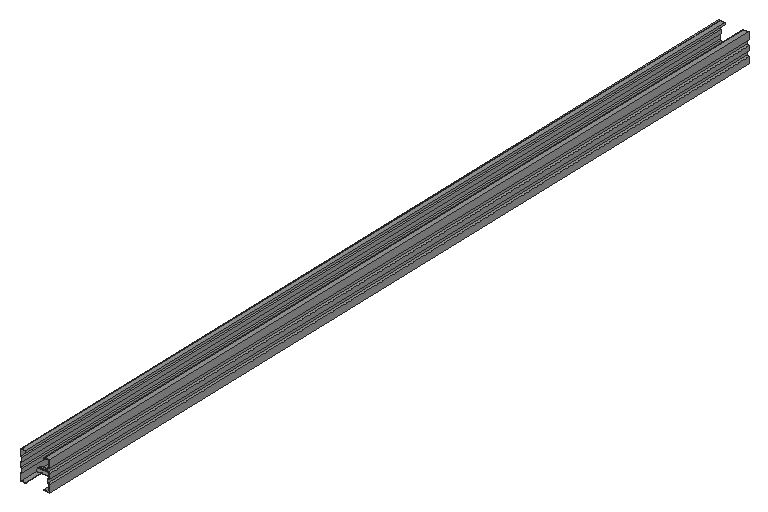
Revit family "Weitspannkabelleiter - WKL 2020 FT", category Generic Models, Revit 2017
Family settings
  Can host rebar = No
  Round Connector Dimension = Use Diameter
  Part Type = Normal
  Work Plane-Based = No
  Always vertical = Yes
  Cut with Voids When Loaded = No
  Shared = No
  Room Calculation Point = No
Parameters (values of type "WKL 2020 FT")
  URL = "http://www.obo-bettermann.com"
  Material = hot dip galvanised
  Manufacturer Art.No. = "6232102"
  Manufacturer = "OBO BETTERMANN"
  Length = 6000 mm
  GTIN = "4012196614844"
  Cut's number 2 = 19
  Cut's number = 2
  Article Type = "WKL 2020 FT"
Reference planes
  plane 1 "Center (Front/Back)": y = 0
  plane 2: z = 0
  plane 3 "Center (Left/Right)": x = 0
  plane 4: x = 200
  plane 5: z = 200
  plane 6: z = 46.5
  plane 7: z = 85.8
  plane 8: z = 114.4
  plane 9: z = 153.7
  plane 10: x = 12.5
  plane 11: x = 200
  plane 12: z = 46.5
  plane 13: z = 85.8
  plane 14: z = 85.8
  plane 15: z = 114.4
  plane 16: z = 153.7
  plane 17: x = 187.5
  plane 18: z = 80.026
  plane 19: z = 52.274
  plane 20: z = 120.174
  plane 21: z = 147.926
  plane 22: y = 6000
  plane 23: y = 150
  plane 24: y = 450
  plane 25: y = 132.5
  plane 26: y = 167.5
  plane 27: y = 134.75
  plane 28: y = 165.25
  plane 29: y = 158.25
  plane 30: y = 141.75
  plane 31: z = 20.5
  plane 32: z = 2.5
  plane 33: y = 450
  plane 34: y = 750
  plane 35: y = 432.5
  plane 36: y = 467.5
  plane 37: y = 434.75
  plane 38: y = 465.25
  plane 39: y = 458.25
  plane 40: y = 441.75
  plane 41: z = 20.5
  plane 42: z = 2.5
  plane 43: y = 750
  plane 44: y = 1050
  plane 45: y = 732.5
  plane 46: y = 767.5
  plane 47: y = 734.75
  plane 48: y = 765.25
  plane 49: y = 758.25
  plane 50: y = 741.75
  plane 51: z = 20.5
  plane 52: z = 2.5
  plane 53: y = 1050
  plane 54: y = 1350
  plane 55: y = 1032.5
  plane 56: y = 1067.5
  plane 57: y = 1034.75
  plane 58: y = 1065.25
  plane 59: y = 1058.25
  plane 60: y = 1041.75
  plane 61: z = 20.5
  plane 62: z = 2.5
  plane 63: y = 1350
  plane 64: y = 1650
  plane 65: y = 1332.5
  plane 66: y = 1367.5
  plane 67: y = 1334.75
  plane 68: y = 1365.25
  plane 69: y = 1358.25
  plane 70: y = 1341.75
  plane 71: z = 20.5
  plane 72: z = 2.5
  plane 73: y = 1650
  plane 74: y = 1950
  plane 75: y = 1632.5
  plane 76: y = 1667.5
  plane 77: y = 1634.75
  plane 78: y = 1665.25
  plane 79: y = 1658.25
  plane 80: y = 1641.75
  plane 81: z = 20.5
  plane 82: z = 2.5
  plane 83: y = 1950
  plane 84: y = 2250
  plane 85: y = 1932.5
  plane 86: y = 1967.5
  plane 87: y = 1934.75
  plane 88: y = 1965.25
  plane 89: y = 1958.25
  plane 90: y = 1941.75
  plane 91: z = 20.5
  plane 92: z = 2.5
  plane 93: y = 2250
  plane 94: y = 2550
  plane 95: y = 2232.5
  plane 96: y = 2267.5
  plane 97: y = 2234.75
  plane 98: y = 2265.25
  plane 99: y = 2258.25
  plane 100: y = 2241.75
  plane 101: z = 20.5
  plane 102: z = 2.5
  plane 103: y = 2550
  plane 104: y = 2850
  plane 105: y = 2532.5
  plane 106: y = 2567.5
  plane 107: y = 2534.75
  plane 108: y = 2565.25
  plane 109: y = 2558.25
  plane 110: y = 2541.75
  plane 111: z = 20.5
  plane 112: z = 2.5
  plane 113: y = 2850
  plane 114: y = 3150
  plane 115: y = 2832.5
  plane 116: y = 2867.5
  plane 117: y = 2834.75
  plane 118: y = 2865.25
  plane 119: y = 2858.25
  plane 120: y = 2841.75
  plane 121: z = 20.5
  plane 122: z = 2.5
  plane 123: y = 3150
  plane 124: y = 3450
  plane 125: y = 3132.5
  plane 126: y = 3167.5
  plane 127: y = 3134.75
  plane 128: y = 3165.25
  plane 129: y = 3158.25
  plane 130: y = 3141.75
  plane 131: z = 20.5
  plane 132: z = 2.5
  plane 133: y = 3450
  plane 134: y = 3750
  plane 135: y = 3432.5
  plane 136: y = 3467.5
  plane 137: y = 3434.75
  plane 138: y = 3465.25
  plane 139: y = 3458.25
  plane 140: y = 3441.75
  plane 141: z = 20.5
  plane 142: z = 2.5
  plane 143: y = 3750
  plane 144: y = 4050
  plane 145: y = 3732.5
  plane 146: y = 3767.5
  plane 147: y = 3734.75
  plane 148: y = 3765.25
  plane 149: y = 3758.25
  plane 150: y = 3741.75
  plane 151: z = 20.5
  plane 152: z = 2.5
  plane 153: y = 4050
  plane 154: y = 4350
  plane 155: y = 4032.5
  plane 156: y = 4067.5
  plane 157: y = 4034.75
  plane 158: y = 4065.25
  plane 159: y = 4058.25
  plane 160: y = 4041.75
  plane 161: z = 20.5
  plane 162: z = 2.5
  plane 163: y = 4350
  plane 164: y = 4650
  plane 165: y = 4332.5
  plane 166: y = 4367.5
  plane 167: y = 4334.75
  plane 168: y = 4365.25
  plane 169: y = 4358.25
  plane 170: y = 4341.75
  plane 171: z = 20.5
  plane 172: z = 2.5
  plane 173: y = 4650
  plane 174: y = 4950
  plane 175: y = 4632.5
  plane 176: y = 4667.5
  plane 177: y = 4634.75
  plane 178: y = 4665.25
  plane 179: y = 4658.25
  plane 180: y = 4641.75
  plane 181: z = 20.5
  plane 182: z = 2.5
  plane 183: y = 4950
  plane 184: y = 5250
  plane 185: y = 4932.5
  plane 186: y = 4967.5
  plane 187: y = 4934.75
  plane 188: y = 4965.25
  plane 189: y = 4958.25
  plane 190: y = 4941.75
  plane 191: z = 20.5
  plane 192: z = 2.5
  plane 193: y = 5250
  plane 194: y = 5550
  plane 195: y = 5232.5
  plane 196: y = 5267.5
  plane 197: y = 5234.75
  plane 198: y = 5265.25
  plane 199: y = 5258.25
  plane 200: y = 5241.75
  plane 201: z = 20.5
  plane 202: z = 2.5
  plane 203: y = 5550
  plane 204: y = 5850
  plane 205: y = 5532.5
  plane 206: y = 5567.5
  plane 207: y = 5534.75
  plane 208: y = 5565.25
  plane 209: y = 5558.25
  plane 210: y = 5541.75
  plane 211: z = 20.5
  plane 212: z = 2.5
  plane 213: y = 5850
  plane 214: y = 6150
  plane 215: y = 5832.5
  plane 216: y = 5867.5
  plane 217: y = 5834.75
  plane 218: y = 5865.25
  plane 219: y = 5858.25
  plane 220: y = 5841.75
  plane 221: z = 20.5
  plane 222: z = 2.5
Forms (mm)
  Extrusion 1, solid, material "hot dip galvanised" <- "Material"
    sketch origin (0, 0, 0) x (1, 0, 0) y (0, 0, 1)
      loop
        line (0, 0) -> (40, 0) -> (40, 2.5) -> (2.5, 2.5) -> (2.5, 46.5) -> (12.5, 52.274) -> (12.5, 80.026) -> (2.5, 85.8) -> (2.5, 114.4) -> (12.5, 120.174) -> (12.5, 147.926) -> (2.5, 153.7) -> (2.5, 197.5) -> (37.5, 197.5) -> (37.5, 188.529) -> (40, 188.529) -> (40, 200) -> (0, 200) -> (0, 152.257) -> (10, 146.483) -> (10, 121.617) -> (0, 115.843) -> (0, 84.357) -> (10, 78.583) -> (10, 53.717) -> (0, 47.943) -> (0, 0)
      loop
        line (200, 0) -> (200, 47.943) -> (190, 53.717) -> (190, 78.583) -> (200, 84.357) -> (200, 115.843) -> (190, 121.617) -> (190, 146.483) -> (200, 152.257) -> (200, 200) -> (160, 200) -> (160, 188.529) -> (162.5, 188.529) -> (162.5, 197.5) -> (197.5, 197.5) -> (197.5, 153.7) -> (187.5, 147.926) -> (187.5, 120.174) -> (197.5, 114.4) -> (197.5, 85.8) -> (187.5, 80.026) -> (187.5, 52.274) -> (197.5, 46.5) -> (197.5, 2.5) -> (160, 2.5) -> (160, 0) -> (200, 0)
    from 0 to -6000
  Extrusion 2, solid, material "hot dip galvanised" <- "Material"
    sketch origin (0, 0, 7) x (0, 1, 0) y (0, 0, 1)
      loop
        line (132.5, -4.5) -> (167.5, -4.5) -> (165.332, 13.5) -> (158.25, 13.5) -> (158.25, 11.5) -> (163.559, 11.5) -> (165.245, -2.5) -> (134.755, -2.5) -> (136.441, 11.5) -> (141.75, 11.5) -> (141.75, 13.5) -> (134.668, 13.5) -> (132.5, -4.5)
    from 2.5 to 197.5
  Extrusion 3, solid, material "hot dip galvanised" <- "Material"
    sketch origin (0, 300, 7) x (0, 1, 0) y (0, 0, 1)
      loop
        line (132.5, -4.5) -> (167.5, -4.5) -> (165.332, 13.5) -> (158.25, 13.5) -> (158.25, 11.5) -> (163.559, 11.5) -> (165.245, -2.5) -> (134.755, -2.5) -> (136.441, 11.5) -> (141.75, 11.5) -> (141.75, 13.5) -> (134.668, 13.5) -> (132.5, -4.5)
    from 2.5 to 197.5
  Extrusion 4, solid, material "hot dip galvanised" <- "Material"
    sketch origin (0, 600, 7) x (0, 1, 0) y (0, 0, 1)
      loop
        line (132.5, -4.5) -> (167.5, -4.5) -> (165.332, 13.5) -> (158.25, 13.5) -> (158.25, 11.5) -> (163.559, 11.5) -> (165.245, -2.5) -> (134.755, -2.5) -> (136.441, 11.5) -> (141.75, 11.5) -> (141.75, 13.5) -> (134.668, 13.5) -> (132.5, -4.5)
    from 2.5 to 197.5
  Extrusion 5, solid, material "hot dip galvanised" <- "Material"
    sketch origin (0, 900, 7) x (0, 1, 0) y (0, 0, 1)
      loop
        line (132.5, -4.5) -> (167.5, -4.5) -> (165.332, 13.5) -> (158.25, 13.5) -> (158.25, 11.5) -> (163.559, 11.5) -> (165.245, -2.5) -> (134.755, -2.5) -> (136.441, 11.5) -> (141.75, 11.5) -> (141.75, 13.5) -> (134.668, 13.5) -> (132.5, -4.5)
    from 2.5 to 197.5
  Extrusion 6, solid, material "hot dip galvanised" <- "Material"
    sketch origin (0, 1200, 7) x (0, 1, 0) y (0, 0, 1)
      loop
        line (132.5, -4.5) -> (167.5, -4.5) -> (165.332, 13.5) -> (158.25, 13.5) -> (158.25, 11.5) -> (163.559, 11.5) -> (165.245, -2.5) -> (134.755, -2.5) -> (136.441, 11.5) -> (141.75, 11.5) -> (141.75, 13.5) -> (134.668, 13.5) -> (132.5, -4.5)
    from 2.5 to 197.5
  Extrusion 7, solid, material "hot dip galvanised" <- "Material"
    sketch origin (0, 1500, 7) x (0, 1, 0) y (0, 0, 1)
      loop
        line (132.5, -4.5) -> (167.5, -4.5) -> (165.332, 13.5) -> (158.25, 13.5) -> (158.25, 11.5) -> (163.559, 11.5) -> (165.245, -2.5) -> (134.755, -2.5) -> (136.441, 11.5) -> (141.75, 11.5) -> (141.75, 13.5) -> (134.668, 13.5) -> (132.5, -4.5)
    from 2.5 to 197.5
  Extrusion 8, solid, material "hot dip galvanised" <- "Material"
    sketch origin (0, 1800, 7) x (0, 1, 0) y (0, 0, 1)
      loop
        line (132.5, -4.5) -> (167.5, -4.5) -> (165.332, 13.5) -> (158.25, 13.5) -> (158.25, 11.5) -> (163.559, 11.5) -> (165.245, -2.5) -> (134.755, -2.5) -> (136.441, 11.5) -> (141.75, 11.5) -> (141.75, 13.5) -> (134.668, 13.5) -> (132.5, -4.5)
    from 2.5 to 197.5
  Extrusion 9, solid, material "hot dip galvanised" <- "Material"
    sketch origin (0, 2100, 7) x (0, 1, 0) y (0, 0, 1)
      loop
        line (132.5, -4.5) -> (167.5, -4.5) -> (165.332, 13.5) -> (158.25, 13.5) -> (158.25, 11.5) -> (163.559, 11.5) -> (165.245, -2.5) -> (134.755, -2.5) -> (136.441, 11.5) -> (141.75, 11.5) -> (141.75, 13.5) -> (134.668, 13.5) -> (132.5, -4.5)
    from 2.5 to 197.5
  Extrusion 10, solid, material "hot dip galvanised" <- "Material"
    sketch origin (0, 2400, 7) x (0, 1, 0) y (0, 0, 1)
      loop
        line (132.5, -4.5) -> (167.5, -4.5) -> (165.332, 13.5) -> (158.25, 13.5) -> (158.25, 11.5) -> (163.559, 11.5) -> (165.245, -2.5) -> (134.755, -2.5) -> (136.441, 11.5) -> (141.75, 11.5) -> (141.75, 13.5) -> (134.668, 13.5) -> (132.5, -4.5)
    from 2.5 to 197.5
  Extrusion 11, solid, material "hot dip galvanised" <- "Material"
    sketch origin (0, 2700, 7) x (0, 1, 0) y (0, 0, 1)
      loop
        line (132.5, -4.5) -> (167.5, -4.5) -> (165.332, 13.5) -> (158.25, 13.5) -> (158.25, 11.5) -> (163.559, 11.5) -> (165.245, -2.5) -> (134.755, -2.5) -> (136.441, 11.5) -> (141.75, 11.5) -> (141.75, 13.5) -> (134.668, 13.5) -> (132.5, -4.5)
    from 2.5 to 197.5
  Extrusion 12, solid, material "hot dip galvanised" <- "Material"
    sketch origin (0, 3000, 7) x (0, 1, 0) y (0, 0, 1)
      loop
        line (132.5, -4.5) -> (167.5, -4.5) -> (165.332, 13.5) -> (158.25, 13.5) -> (158.25, 11.5) -> (163.559, 11.5) -> (165.245, -2.5) -> (134.755, -2.5) -> (136.441, 11.5) -> (141.75, 11.5) -> (141.75, 13.5) -> (134.668, 13.5) -> (132.5, -4.5)
    from 2.5 to 197.5
  Extrusion 13, solid, material "hot dip galvanised" <- "Material"
    sketch origin (0, 3300, 7) x (0, 1, 0) y (0, 0, 1)
      loop
        line (132.5, -4.5) -> (167.5, -4.5) -> (165.332, 13.5) -> (158.25, 13.5) -> (158.25, 11.5) -> (163.559, 11.5) -> (165.245, -2.5) -> (134.755, -2.5) -> (136.441, 11.5) -> (141.75, 11.5) -> (141.75, 13.5) -> (134.668, 13.5) -> (132.5, -4.5)
    from 2.5 to 197.5
  Extrusion 14, solid, material "hot dip galvanised" <- "Material"
    sketch origin (0, 3600, 7) x (0, 1, 0) y (0, 0, 1)
      loop
        line (132.5, -4.5) -> (167.5, -4.5) -> (165.332, 13.5) -> (158.25, 13.5) -> (158.25, 11.5) -> (163.559, 11.5) -> (165.245, -2.5) -> (134.755, -2.5) -> (136.441, 11.5) -> (141.75, 11.5) -> (141.75, 13.5) -> (134.668, 13.5) -> (132.5, -4.5)
    from 2.5 to 197.5
  Extrusion 15, solid, material "hot dip galvanised" <- "Material"
    sketch origin (0, 3900, 7) x (0, 1, 0) y (0, 0, 1)
      loop
        line (132.5, -4.5) -> (167.5, -4.5) -> (165.332, 13.5) -> (158.25, 13.5) -> (158.25, 11.5) -> (163.559, 11.5) -> (165.245, -2.5) -> (134.755, -2.5) -> (136.441, 11.5) -> (141.75, 11.5) -> (141.75, 13.5) -> (134.668, 13.5) -> (132.5, -4.5)
    from 2.5 to 197.5
  Extrusion 16, solid, material "hot dip galvanised" <- "Material"
    sketch origin (0, 4200, 7) x (0, 1, 0) y (0, 0, 1)
      loop
        line (132.5, -4.5) -> (167.5, -4.5) -> (165.332, 13.5) -> (158.25, 13.5) -> (158.25, 11.5) -> (163.559, 11.5) -> (165.245, -2.5) -> (134.755, -2.5) -> (136.441, 11.5) -> (141.75, 11.5) -> (141.75, 13.5) -> (134.668, 13.5) -> (132.5, -4.5)
    from 2.5 to 197.5
  Extrusion 17, solid, material "hot dip galvanised" <- "Material"
    sketch origin (0, 4500, 7) x (0, 1, 0) y (0, 0, 1)
      loop
        line (132.5, -4.5) -> (167.5, -4.5) -> (165.332, 13.5) -> (158.25, 13.5) -> (158.25, 11.5) -> (163.559, 11.5) -> (165.245, -2.5) -> (134.755, -2.5) -> (136.441, 11.5) -> (141.75, 11.5) -> (141.75, 13.5) -> (134.668, 13.5) -> (132.5, -4.5)
    from 2.5 to 197.5
  Extrusion 18, solid, material "hot dip galvanised" <- "Material"
    sketch origin (0, 4800, 7) x (0, 1, 0) y (0, 0, 1)
      loop
        line (132.5, -4.5) -> (167.5, -4.5) -> (165.332, 13.5) -> (158.25, 13.5) -> (158.25, 11.5) -> (163.559, 11.5) -> (165.245, -2.5) -> (134.755, -2.5) -> (136.441, 11.5) -> (141.75, 11.5) -> (141.75, 13.5) -> (134.668, 13.5) -> (132.5, -4.5)
    from 2.5 to 197.5
  Extrusion 19, solid, material "hot dip galvanised" <- "Material"
    sketch origin (0, 5100, 7) x (0, 1, 0) y (0, 0, 1)
      loop
        line (132.5, -4.5) -> (167.5, -4.5) -> (165.332, 13.5) -> (158.25, 13.5) -> (158.25, 11.5) -> (163.559, 11.5) -> (165.245, -2.5) -> (134.755, -2.5) -> (136.441, 11.5) -> (141.75, 11.5) -> (141.75, 13.5) -> (134.668, 13.5) -> (132.5, -4.5)
    from 2.5 to 197.5
  Extrusion 20, solid, material "hot dip galvanised" <- "Material"
    sketch origin (0, 5400, 7) x (0, 1, 0) y (0, 0, 1)
      loop
        line (132.5, -4.5) -> (167.5, -4.5) -> (165.332, 13.5) -> (158.25, 13.5) -> (158.25, 11.5) -> (163.559, 11.5) -> (165.245, -2.5) -> (134.755, -2.5) -> (136.441, 11.5) -> (141.75, 11.5) -> (141.75, 13.5) -> (134.668, 13.5) -> (132.5, -4.5)
    from 2.5 to 197.5
  Extrusion 21, solid, material "hot dip galvanised" <- "Material"
    sketch origin (0, 5700, 7) x (0, 1, 0) y (0, 0, 1)
      loop
        line (132.5, -4.5) -> (167.5, -4.5) -> (165.332, 13.5) -> (158.25, 13.5) -> (158.25, 11.5) -> (163.559, 11.5) -> (165.245, -2.5) -> (134.755, -2.5) -> (136.441, 11.5) -> (141.75, 11.5) -> (141.75, 13.5) -> (134.668, 13.5) -> (132.5, -4.5)
    from 2.5 to 197.5
Dimensions and locks
  locked: plane 6 to level at 46.5
  locked: plane 7 to plane 6 at 39.3
  locked: plane 8 to plane 7 at 28.6
  locked: plane 9 to plane 8 at 39.3
  locked: plane 5 to plane 9 at 46.3
  locked: plane 10 to plane 3 "Center (Left/Right)" at 12.5
  locked: plane 17 to plane 11 at 12.5
  locked: Extrusion 1 sketch curve to Extrusion 1 sketch curve at 40
  locked: Extrusion 1 sketch curve to Extrusion 1 sketch curve at 120  (x2)
  locked: Extrusion 1 sketch curve to Extrusion 1 sketch curve at 200  (x3)
  locked: Extrusion 1 sketch curve to Extrusion 1 sketch curve at 2.5  (x4)
  locked: Extrusion 1 sketch curve to Extrusion 1 sketch curve at 27.753  (x2)
  locked: Extrusion 1 sketch curve to Extrusion 1 sketch curve at 31.487  (x2)
  locked: Extrusion 1 sketch curve to Extrusion 1 sketch curve at 47.943  (x2)
  locked: Extrusion 1 sketch curve to Extrusion 1 sketch curve at 47.743  (x2)
  locked: Extrusion 1 sketch curve to Extrusion 1 sketch curve at 11.471  (x2)
  "Length": plane 1 "Center (Front/Back)" to plane 22
  locked: Extrusion 1 to Extrusion 1 at 2.5
  locked: plane 27 to plane 28 at 30.5
  locked: Extrusion 2 sketch curve to Extrusion 2 sketch curve at 35
  locked: Extrusion 2 sketch curve to Extrusion 2 sketch curve at 30.665
  locked: Extrusion 2 sketch curve to Extrusion 2 sketch curve at 16.5
  locked: Extrusion 2 sketch curve to Extrusion 2 sketch curve at 14  (x2)
  locked: plane 37 to plane 38 at 30.5
  locked: Extrusion 3 sketch curve to Extrusion 3 sketch curve at 35
  locked: Extrusion 3 sketch curve to Extrusion 3 sketch curve at 30.665
  locked: Extrusion 3 sketch curve to Extrusion 3 sketch curve at 16.5
  locked: Extrusion 3 sketch curve to Extrusion 3 sketch curve at 14  (x2)
  locked: plane 47 to plane 48 at 30.5
  locked: Extrusion 4 sketch curve to Extrusion 4 sketch curve at 35
  locked: Extrusion 4 sketch curve to Extrusion 4 sketch curve at 30.665
  locked: Extrusion 4 sketch curve to Extrusion 4 sketch curve at 16.5
  locked: Extrusion 4 sketch curve to Extrusion 4 sketch curve at 14  (x2)
  locked: plane 57 to plane 58 at 30.5
  locked: Extrusion 5 sketch curve to Extrusion 5 sketch curve at 35
  locked: Extrusion 5 sketch curve to Extrusion 5 sketch curve at 30.665
  locked: Extrusion 5 sketch curve to Extrusion 5 sketch curve at 16.5
  locked: Extrusion 5 sketch curve to Extrusion 5 sketch curve at 14  (x2)
  locked: plane 67 to plane 68 at 30.5
  locked: Extrusion 6 sketch curve to Extrusion 6 sketch curve at 35
  locked: Extrusion 6 sketch curve to Extrusion 6 sketch curve at 30.665
  locked: Extrusion 6 sketch curve to Extrusion 6 sketch curve at 16.5
  locked: Extrusion 6 sketch curve to Extrusion 6 sketch curve at 14  (x2)
  locked: plane 77 to plane 78 at 30.5
  locked: Extrusion 7 sketch curve to Extrusion 7 sketch curve at 35
  locked: Extrusion 7 sketch curve to Extrusion 7 sketch curve at 30.665
  locked: Extrusion 7 sketch curve to Extrusion 7 sketch curve at 16.5
  locked: Extrusion 7 sketch curve to Extrusion 7 sketch curve at 14  (x2)
  locked: plane 87 to plane 88 at 30.5
  locked: Extrusion 8 sketch curve to Extrusion 8 sketch curve at 35
  locked: Extrusion 8 sketch curve to Extrusion 8 sketch curve at 30.665
  locked: Extrusion 8 sketch curve to Extrusion 8 sketch curve at 16.5
  locked: Extrusion 8 sketch curve to Extrusion 8 sketch curve at 14  (x2)
  locked: plane 97 to plane 98 at 30.5
  locked: Extrusion 9 sketch curve to Extrusion 9 sketch curve at 35
  locked: Extrusion 9 sketch curve to Extrusion 9 sketch curve at 30.665
  locked: Extrusion 9 sketch curve to Extrusion 9 sketch curve at 16.5
  locked: Extrusion 9 sketch curve to Extrusion 9 sketch curve at 14  (x2)
  locked: plane 107 to plane 108 at 30.5
  locked: Extrusion 10 sketch curve to Extrusion 10 sketch curve at 35
  locked: Extrusion 10 sketch curve to Extrusion 10 sketch curve at 30.665
  locked: Extrusion 10 sketch curve to Extrusion 10 sketch curve at 16.5
  locked: Extrusion 10 sketch curve to Extrusion 10 sketch curve at 14  (x2)
  locked: plane 117 to plane 118 at 30.5
  locked: Extrusion 11 sketch curve to Extrusion 11 sketch curve at 35
  locked: Extrusion 11 sketch curve to Extrusion 11 sketch curve at 30.665
  locked: Extrusion 11 sketch curve to Extrusion 11 sketch curve at 16.5
  locked: Extrusion 11 sketch curve to Extrusion 11 sketch curve at 14  (x2)
  locked: plane 127 to plane 128 at 30.5
  locked: Extrusion 12 sketch curve to Extrusion 12 sketch curve at 35
  locked: Extrusion 12 sketch curve to Extrusion 12 sketch curve at 30.665
  locked: Extrusion 12 sketch curve to Extrusion 12 sketch curve at 16.5
  locked: Extrusion 12 sketch curve to Extrusion 12 sketch curve at 14  (x2)
  locked: plane 137 to plane 138 at 30.5
  locked: Extrusion 13 sketch curve to Extrusion 13 sketch curve at 35
  locked: Extrusion 13 sketch curve to Extrusion 13 sketch curve at 30.665
  locked: Extrusion 13 sketch curve to Extrusion 13 sketch curve at 16.5
  locked: Extrusion 13 sketch curve to Extrusion 13 sketch curve at 14  (x2)
  locked: plane 147 to plane 148 at 30.5
  locked: Extrusion 14 sketch curve to Extrusion 14 sketch curve at 35
  locked: Extrusion 14 sketch curve to Extrusion 14 sketch curve at 30.665
  locked: Extrusion 14 sketch curve to Extrusion 14 sketch curve at 16.5
  locked: Extrusion 14 sketch curve to Extrusion 14 sketch curve at 14  (x2)
  locked: plane 157 to plane 158 at 30.5
  locked: Extrusion 15 sketch curve to Extrusion 15 sketch curve at 35
  locked: Extrusion 15 sketch curve to Extrusion 15 sketch curve at 30.665
  locked: Extrusion 15 sketch curve to Extrusion 15 sketch curve at 16.5
  locked: Extrusion 15 sketch curve to Extrusion 15 sketch curve at 14  (x2)
  locked: plane 167 to plane 168 at 30.5
  locked: Extrusion 16 sketch curve to Extrusion 16 sketch curve at 35
  locked: Extrusion 16 sketch curve to Extrusion 16 sketch curve at 30.665
  locked: Extrusion 16 sketch curve to Extrusion 16 sketch curve at 16.5
  locked: Extrusion 16 sketch curve to Extrusion 16 sketch curve at 14  (x2)
  locked: plane 177 to plane 178 at 30.5
  locked: Extrusion 17 sketch curve to Extrusion 17 sketch curve at 35
  locked: Extrusion 17 sketch curve to Extrusion 17 sketch curve at 30.665
  locked: Extrusion 17 sketch curve to Extrusion 17 sketch curve at 16.5
  locked: Extrusion 17 sketch curve to Extrusion 17 sketch curve at 14  (x2)
  locked: plane 187 to plane 188 at 30.5
  locked: Extrusion 18 sketch curve to Extrusion 18 sketch curve at 35
  locked: Extrusion 18 sketch curve to Extrusion 18 sketch curve at 30.665
  locked: Extrusion 18 sketch curve to Extrusion 18 sketch curve at 16.5
  locked: Extrusion 18 sketch curve to Extrusion 18 sketch curve at 14  (x2)
  locked: plane 197 to plane 198 at 30.5
  locked: Extrusion 19 sketch curve to Extrusion 19 sketch curve at 35
  locked: Extrusion 19 sketch curve to Extrusion 19 sketch curve at 30.665
  locked: Extrusion 19 sketch curve to Extrusion 19 sketch curve at 16.5
  locked: Extrusion 19 sketch curve to Extrusion 19 sketch curve at 14  (x2)
  locked: plane 207 to plane 208 at 30.5
  locked: Extrusion 20 sketch curve to Extrusion 20 sketch curve at 35
  locked: Extrusion 20 sketch curve to Extrusion 20 sketch curve at 30.665
  locked: Extrusion 20 sketch curve to Extrusion 20 sketch curve at 16.5
  locked: Extrusion 20 sketch curve to Extrusion 20 sketch curve at 14  (x2)
  locked: plane 217 to plane 218 at 30.5
  locked: Extrusion 21 sketch curve to Extrusion 21 sketch curve at 35
  locked: Extrusion 21 sketch curve to Extrusion 21 sketch curve at 30.665
  locked: Extrusion 21 sketch curve to Extrusion 21 sketch curve at 16.5
  locked: Extrusion 21 sketch curve to Extrusion 21 sketch curve at 14  (x2)
  aligned and locked: level to plane 2
  aligned and locked: plane 3 "Center (Left/Right)" to Extrusion 1 sketch curve  (x3)
  aligned and locked: plane 17 to Extrusion 1 sketch curve
  aligned and locked: plane 11 to Extrusion 1 sketch curve
  aligned and locked: Extrusion 1 to level  (x2)
  aligned and locked: plane 22 to Extrusion 1
  aligned and locked: plane 1 "Center (Front/Back)" to Extrusion 1
  aligned and locked: Extrusion 2 sketch curve to plane 29
  aligned and locked: Extrusion 2 to Extrusion 1
  aligned and locked: Extrusion 3 sketch curve to plane 39
  aligned and locked: Extrusion 4 sketch curve to plane 49
  aligned and locked: Extrusion 5 sketch curve to plane 59
  aligned and locked: Extrusion 6 sketch curve to plane 69
  aligned and locked: Extrusion 7 sketch curve to plane 79
  aligned and locked: Extrusion 8 sketch curve to plane 89
  aligned and locked: Extrusion 9 sketch curve to plane 99
  aligned and locked: Extrusion 10 sketch curve to plane 109
  aligned and locked: Extrusion 11 sketch curve to plane 119
  aligned and locked: Extrusion 12 sketch curve to plane 129
  aligned and locked: Extrusion 13 sketch curve to plane 139
  aligned and locked: Extrusion 14 sketch curve to plane 149
  aligned and locked: Extrusion 15 sketch curve to plane 159
  aligned and locked: Extrusion 16 sketch curve to plane 169
  aligned and locked: Extrusion 17 sketch curve to plane 179
  aligned and locked: Extrusion 18 sketch curve to plane 189
  aligned and locked: Extrusion 19 sketch curve to plane 199
  aligned and locked: Extrusion 20 sketch curve to plane 209
  aligned and locked: Extrusion 21 sketch curve to plane 219
Automatic sketch dimensions
  Extrusion 1 sketch curve to plane 7 = 0 mm  (x2)
  Extrusion 1 sketch curve to plane 9 = 0 mm  (x2)
  Extrusion 1 sketch curve to plane 8 = 0 mm  (x2)
  Extrusion 1 sketch curve to plane 6 = 0 mm  (x2)
  Extrusion 1 sketch curve to plane 10 = 0 mm  (x2)
  Extrusion 1 sketch curve to level = 0 mm  (x2)
  Extrusion 1 sketch curve to plane 17 = 0 mm
  Extrusion 1 sketch curve to plane 4 = 0 mm
  Extrusion 1 sketch curve to plane 19 = 0 mm  (x2)
  Extrusion 1 sketch curve to plane 18 = 0 mm
  Extrusion 1 sketch curve to plane 20 = 0 mm  (x2)
  Extrusion 1 sketch curve to plane 21 = 0 mm
  plane 3 "Center (Left/Right)" to Extrusion 1 sketch curve = 2.5 mm  (x3)
  Extrusion 1 sketch curve to plane 10 = 2.5 mm  (x2)
  Extrusion 1 sketch curve to Extrusion 1 sketch curve = 2.5 mm  (x2)
  plane 10 to Extrusion 1 sketch curve = 27.5 mm
  Extrusion 1 sketch curve to plane 4 = 2.5 mm
  level to Extrusion 1 sketch curve = 2.5 mm  (x2)
  plane 19 to Extrusion 1 sketch curve = 1.443 mm  (x2)
  Extrusion 1 sketch curve to plane 18 = 1.443 mm  (x2)
  Extrusion 1 sketch curve to plane 7 = 1.443 mm  (x2)
  plane 20 to Extrusion 1 sketch curve = 1.443 mm  (x2)
  Extrusion 1 sketch curve to plane 21 = 1.443 mm  (x2)
  Extrusion 1 sketch curve to plane 5 = 2.5 mm  (x2)
  Extrusion 2 sketch curve to plane 25 = 0 mm
  Extrusion 2 sketch curve to plane 31 = 0 mm  (x2)
  Extrusion 2 sketch curve to plane 32 = 0 mm
  plane 27 to Extrusion 2 sketch curve = 0.005 mm
  plane 27 to Extrusion 2 sketch curve = 1.691 mm
  Extrusion 2 sketch curve to plane 28 = 1.691 mm
  Extrusion 2 sketch curve to plane 28 = 0.005 mm
  plane 28 to Extrusion 2 sketch curve = 0.082 mm
  Extrusion 2 sketch curve to plane 31 = 2 mm
  Extrusion 3 sketch curve to plane 35 = 0 mm
  Extrusion 3 sketch curve to plane 41 = 0 mm  (x2)
  Extrusion 3 sketch curve to plane 42 = 0 mm
  plane 37 to Extrusion 3 sketch curve = 0.005 mm
  plane 37 to Extrusion 3 sketch curve = 1.691 mm
  Extrusion 3 sketch curve to plane 38 = 1.691 mm
  Extrusion 3 sketch curve to plane 38 = 0.005 mm
  plane 38 to Extrusion 3 sketch curve = 0.082 mm
  Extrusion 3 sketch curve to plane 41 = 2 mm
  Extrusion 4 sketch curve to plane 45 = 0 mm
  Extrusion 4 sketch curve to plane 51 = 0 mm  (x2)
  Extrusion 4 sketch curve to plane 52 = 0 mm
  plane 47 to Extrusion 4 sketch curve = 0.005 mm
  plane 47 to Extrusion 4 sketch curve = 1.691 mm
  Extrusion 4 sketch curve to plane 48 = 1.691 mm
  Extrusion 4 sketch curve to plane 48 = 0.005 mm
  plane 48 to Extrusion 4 sketch curve = 0.082 mm
  Extrusion 4 sketch curve to plane 51 = 2 mm
  Extrusion 5 sketch curve to plane 55 = 0 mm
  Extrusion 5 sketch curve to plane 61 = 0 mm  (x2)
  Extrusion 5 sketch curve to plane 62 = 0 mm
  plane 57 to Extrusion 5 sketch curve = 0.005 mm
  plane 57 to Extrusion 5 sketch curve = 1.691 mm
  Extrusion 5 sketch curve to plane 58 = 1.691 mm
  Extrusion 5 sketch curve to plane 58 = 0.005 mm
  plane 58 to Extrusion 5 sketch curve = 0.082 mm
  Extrusion 5 sketch curve to plane 61 = 2 mm
  Extrusion 6 sketch curve to plane 65 = 0 mm
  Extrusion 6 sketch curve to plane 71 = 0 mm  (x2)
  Extrusion 6 sketch curve to plane 72 = 0 mm
  plane 67 to Extrusion 6 sketch curve = 0.005 mm
  plane 67 to Extrusion 6 sketch curve = 1.691 mm
  Extrusion 6 sketch curve to plane 68 = 1.691 mm
  Extrusion 6 sketch curve to plane 68 = 0.005 mm
  plane 68 to Extrusion 6 sketch curve = 0.082 mm
  Extrusion 6 sketch curve to plane 71 = 2 mm
  Extrusion 7 sketch curve to plane 75 = 0 mm
  Extrusion 7 sketch curve to plane 81 = 0 mm  (x2)
  Extrusion 7 sketch curve to plane 82 = 0 mm
  plane 77 to Extrusion 7 sketch curve = 0.005 mm
  plane 77 to Extrusion 7 sketch curve = 1.691 mm
  Extrusion 7 sketch curve to plane 78 = 1.691 mm
  Extrusion 7 sketch curve to plane 78 = 0.005 mm
  plane 78 to Extrusion 7 sketch curve = 0.082 mm
  Extrusion 7 sketch curve to plane 81 = 2 mm
  Extrusion 8 sketch curve to plane 85 = 0 mm
  Extrusion 8 sketch curve to plane 91 = 0 mm  (x2)
  Extrusion 8 sketch curve to plane 92 = 0 mm
  plane 87 to Extrusion 8 sketch curve = 0.005 mm
  plane 87 to Extrusion 8 sketch curve = 1.691 mm
  Extrusion 8 sketch curve to plane 88 = 1.691 mm
  Extrusion 8 sketch curve to plane 88 = 0.005 mm
  plane 88 to Extrusion 8 sketch curve = 0.082 mm
  Extrusion 8 sketch curve to plane 91 = 2 mm
  Extrusion 9 sketch curve to plane 95 = 0 mm
  Extrusion 9 sketch curve to plane 101 = 0 mm  (x2)
  Extrusion 9 sketch curve to plane 102 = 0 mm
  plane 97 to Extrusion 9 sketch curve = 0.005 mm
  plane 97 to Extrusion 9 sketch curve = 1.691 mm
  Extrusion 9 sketch curve to plane 98 = 1.691 mm
  Extrusion 9 sketch curve to plane 98 = 0.005 mm
  plane 98 to Extrusion 9 sketch curve = 0.082 mm
  Extrusion 9 sketch curve to plane 101 = 2 mm
  Extrusion 10 sketch curve to plane 105 = 0 mm
  Extrusion 10 sketch curve to plane 111 = 0 mm  (x2)
  Extrusion 10 sketch curve to plane 112 = 0 mm
  plane 107 to Extrusion 10 sketch curve = 0.005 mm
  plane 107 to Extrusion 10 sketch curve = 1.691 mm
  Extrusion 10 sketch curve to plane 108 = 1.691 mm
  Extrusion 10 sketch curve to plane 108 = 0.005 mm
  plane 108 to Extrusion 10 sketch curve = 0.082 mm
  Extrusion 10 sketch curve to plane 111 = 2 mm
  Extrusion 11 sketch curve to plane 115 = 0 mm
  Extrusion 11 sketch curve to plane 121 = 0 mm  (x2)
  Extrusion 11 sketch curve to plane 122 = 0 mm
  plane 117 to Extrusion 11 sketch curve = 0.005 mm
  plane 117 to Extrusion 11 sketch curve = 1.691 mm
  Extrusion 11 sketch curve to plane 118 = 1.691 mm
  Extrusion 11 sketch curve to plane 118 = 0.005 mm
  plane 118 to Extrusion 11 sketch curve = 0.082 mm
  Extrusion 11 sketch curve to plane 121 = 2 mm
  Extrusion 12 sketch curve to plane 125 = 0 mm
  Extrusion 12 sketch curve to plane 131 = 0 mm  (x2)
  Extrusion 12 sketch curve to plane 132 = 0 mm
  plane 127 to Extrusion 12 sketch curve = 0.005 mm
  plane 127 to Extrusion 12 sketch curve = 1.691 mm
  Extrusion 12 sketch curve to plane 128 = 1.691 mm
  Extrusion 12 sketch curve to plane 128 = 0.005 mm
  plane 128 to Extrusion 12 sketch curve = 0.082 mm
  Extrusion 12 sketch curve to plane 131 = 2 mm
  Extrusion 13 sketch curve to plane 135 = 0 mm
  Extrusion 13 sketch curve to plane 141 = 0 mm  (x2)
  Extrusion 13 sketch curve to plane 142 = 0 mm
  plane 137 to Extrusion 13 sketch curve = 0.005 mm
  plane 137 to Extrusion 13 sketch curve = 1.691 mm
  Extrusion 13 sketch curve to plane 138 = 1.691 mm
  Extrusion 13 sketch curve to plane 138 = 0.005 mm
  plane 138 to Extrusion 13 sketch curve = 0.082 mm
  Extrusion 13 sketch curve to plane 141 = 2 mm
  Extrusion 14 sketch curve to plane 145 = 0 mm
  Extrusion 14 sketch curve to plane 151 = 0 mm  (x2)
  Extrusion 14 sketch curve to plane 152 = 0 mm
  plane 147 to Extrusion 14 sketch curve = 0.005 mm
  plane 147 to Extrusion 14 sketch curve = 1.691 mm
  Extrusion 14 sketch curve to plane 148 = 1.691 mm
  Extrusion 14 sketch curve to plane 148 = 0.005 mm
  plane 148 to Extrusion 14 sketch curve = 0.082 mm
  Extrusion 14 sketch curve to plane 151 = 2 mm
  Extrusion 15 sketch curve to plane 155 = 0 mm
  Extrusion 15 sketch curve to plane 161 = 0 mm  (x2)
  Extrusion 15 sketch curve to plane 162 = 0 mm
  plane 157 to Extrusion 15 sketch curve = 0.005 mm
  plane 157 to Extrusion 15 sketch curve = 1.691 mm
  Extrusion 15 sketch curve to plane 158 = 1.691 mm
  Extrusion 15 sketch curve to plane 158 = 0.005 mm
  plane 158 to Extrusion 15 sketch curve = 0.082 mm
  Extrusion 15 sketch curve to plane 161 = 2 mm
  Extrusion 16 sketch curve to plane 165 = 0 mm
  Extrusion 16 sketch curve to plane 171 = 0 mm  (x2)
  Extrusion 16 sketch curve to plane 172 = 0 mm
  plane 167 to Extrusion 16 sketch curve = 0.005 mm
  plane 167 to Extrusion 16 sketch curve = 1.691 mm
  Extrusion 16 sketch curve to plane 168 = 1.691 mm
  Extrusion 16 sketch curve to plane 168 = 0.005 mm
  plane 168 to Extrusion 16 sketch curve = 0.082 mm
  Extrusion 16 sketch curve to plane 171 = 2 mm
  Extrusion 17 sketch curve to plane 175 = 0 mm
  Extrusion 17 sketch curve to plane 181 = 0 mm  (x2)
  Extrusion 17 sketch curve to plane 182 = 0 mm
  plane 177 to Extrusion 17 sketch curve = 0.005 mm
  plane 177 to Extrusion 17 sketch curve = 1.691 mm
  Extrusion 17 sketch curve to plane 178 = 1.691 mm
  Extrusion 17 sketch curve to plane 178 = 0.005 mm
  plane 178 to Extrusion 17 sketch curve = 0.082 mm
  Extrusion 17 sketch curve to plane 181 = 2 mm
  Extrusion 18 sketch curve to plane 185 = 0 mm
  Extrusion 18 sketch curve to plane 191 = 0 mm  (x2)
  Extrusion 18 sketch curve to plane 192 = 0 mm
  plane 187 to Extrusion 18 sketch curve = 0.005 mm
  plane 187 to Extrusion 18 sketch curve = 1.691 mm
  Extrusion 18 sketch curve to plane 188 = 1.691 mm
  Extrusion 18 sketch curve to plane 188 = 0.005 mm
  plane 188 to Extrusion 18 sketch curve = 0.082 mm
  Extrusion 18 sketch curve to plane 191 = 2 mm
  Extrusion 19 sketch curve to plane 195 = 0 mm
  Extrusion 19 sketch curve to plane 201 = 0 mm  (x2)
  Extrusion 19 sketch curve to plane 202 = 0 mm
  plane 197 to Extrusion 19 sketch curve = 0.005 mm
  plane 197 to Extrusion 19 sketch curve = 1.691 mm
  Extrusion 19 sketch curve to plane 198 = 1.691 mm
  Extrusion 19 sketch curve to plane 198 = 0.005 mm
  plane 198 to Extrusion 19 sketch curve = 0.082 mm
  Extrusion 19 sketch curve to plane 201 = 2 mm
  Extrusion 20 sketch curve to plane 205 = 0 mm
  Extrusion 20 sketch curve to plane 211 = 0 mm  (x2)
  Extrusion 20 sketch curve to plane 212 = 0 mm
  plane 207 to Extrusion 20 sketch curve = 0.005 mm
  plane 207 to Extrusion 20 sketch curve = 1.691 mm
  Extrusion 20 sketch curve to plane 208 = 1.691 mm
  Extrusion 20 sketch curve to plane 208 = 0.005 mm
  plane 208 to Extrusion 20 sketch curve = 0.082 mm
  Extrusion 20 sketch curve to plane 211 = 2 mm
  Extrusion 21 sketch curve to plane 215 = 0 mm
  Extrusion 21 sketch curve to plane 221 = 0 mm  (x2)
  Extrusion 21 sketch curve to plane 222 = 0 mm
  plane 217 to Extrusion 21 sketch curve = 0.005 mm
  plane 217 to Extrusion 21 sketch curve = 1.691 mm
  Extrusion 21 sketch curve to plane 218 = 1.691 mm
  Extrusion 21 sketch curve to plane 218 = 0.005 mm
  plane 218 to Extrusion 21 sketch curve = 0.082 mm
  Extrusion 21 sketch curve to plane 221 = 2 mm
